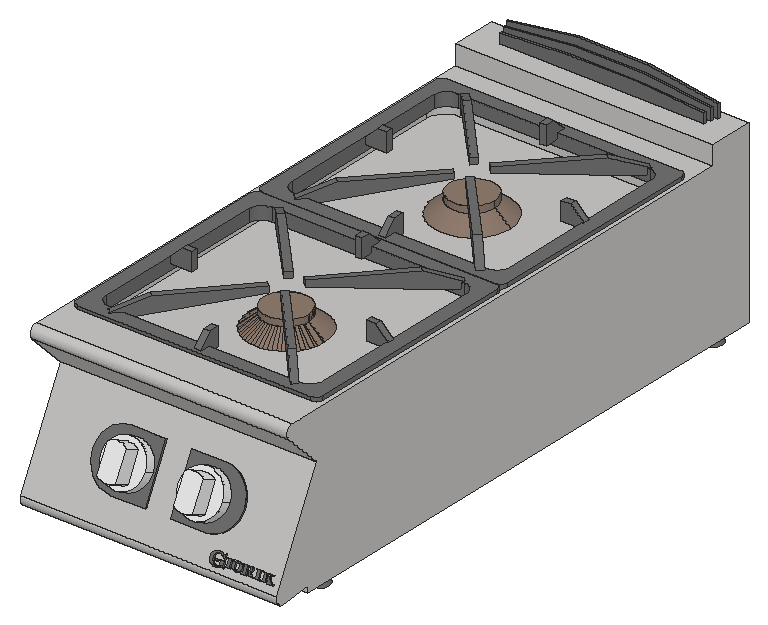
Revit family "QF_GIORIK_CG920T", category Specialty Equipment, Revit 2014
Parameters (values of type "CG920T")
  Weight in Pounds = 88.1848
  URL Cutsheet = "www.giorik.com"
  URL = "www.giorik.com"
  Status [instance] = ""
  Specification by User [instance] = ""
  Specification by Manufacturer = ""
  Show Logo [instance] = yes
  Show Clearance [instance] = yes
  Serial Number = ""
  Seismic Rating = ""
  SMACNA No = ""
  Revision Code [instance] = ""
  NAFEM Spec ID Number = ""
  Model = "CG920T"
  Mechanical Remarks [instance] = "Natural Gas"
  Mechanical Connection Type [instance] = ""
  Masterspec = ""
  Manufacturer = "GIORIK"
  Item Number [instance] = ""
  Installed By [instance] = ""
  Identify Quantity as Lot [instance] = no
  Gas Size = 1"
  Gas RI Height [instance] = 0 mm
  Gas KW = 16
  Gas Input = 16000 W
  Gas Connection Height [instance] = 20 mm
  Furnished By [instance] = ""
  Foodservice Equipment Identifier [instance] = yes
  Description = "2 BURNER GAS RANGE - COUNTERTOP VERSION"
  CSI MasterFormat = ""
  Assembly Code = "E1090320"
Reference planes
  plane 1 "Back": y = 0
  plane 2: z = 0
  plane 3 "Left": x = 0
  plane 4 "Right": x = 400
  plane 5 "Front": y = -920
  plane 6 "Top": z = 300
Forms (mm)
  Extrusion 1, solid
    sketch origin (-94, 0, -609.974) x (1, 0, 0) y (0, 0, 1)
      loop
        line (135, 909.989) -> (453, 909.989) -> (453, 925.527) -> (347.056, 931.749) -> (240.944, 931.749) -> (135, 925.527) -> (135, 909.989)
    from 32 to 35
  Extrusion 2, solid
    sketch origin (-92, 10, -609.974) x (1, 0, 0) y (0, 0, 1)
      loop
        line (454, 909.989) -> (454, 928.527) -> (346.162, 939.193) -> (237.838, 939.193) -> (130, 928.527) -> (130, 909.989) -> (454, 909.989)
    from 32 to 35
  Extrusion 3, solid
    sketch origin (-90, 20, -609.974) x (1, 0, 0) y (0, 0, 1)
      loop
        line (455, 909.989) -> (455, 930.527) -> (345.396, 947.413) -> (234.604, 947.413) -> (125, 930.527) -> (125, 909.989) -> (455, 909.989)
    from 32 to 35
  Extrusion 4, void
    sketch origin (0, 0, 300.015) x (0, 1, 0) y (-1, 0, 0)
      loop
        arc (-110, -38) -> (-118.787, -16.787) -> (-140, -8) r 30
        line (-140, -8) -> (-800.004, -8)
        arc (-800.004, -8) -> (-821.217, -16.787) -> (-830.004, -38) r 30
        line (-830.004, -38) -> (-830.004, -362)
        arc (-830.004, -362) -> (-821.217, -383.213) -> (-800.004, -392) r 30
        line (-800.004, -392) -> (-140, -392)
        arc (-140, -392) -> (-118.787, -383.213) -> (-110, -362) r 30
        line (-110, -362) -> (-110, -38)
    from -30 to -70
  Extrusion 5, solid
    sketch origin (0, 802.832, -619.973) x (0, 1, 0) y (0, 0, 1)
      loop
        line (-802.832, 919.988) -> (-872.832, 919.988) -> (-872.832, 889.988) -> (-1691.501, 889.988)
        arc (-1691.501, 889.988) -> (-1701.846, 883.075) -> (-1699.419, 870.873) r 11.197
        line (-1699.419, 870.873) -> (-1643.571, 815.025) -> (-1721.643, 661.258)
        arc (-1721.643, 661.258) -> (-1720.928, 650.105) -> (-1710.813, 645.354) r 10.981
        line (-1710.813, 645.354) -> (-1662.695, 649.925) -> (-1662.695, 640) -> (-802.832, 640) -> (-802.832, 919.988)
    from 0 to 400
  Extrusion 6, solid
    sketch origin (-283.221, -1162.522, -546.955) x (1, 0, 0) y (0, 0.452718, 0.891654)
      loop
        line (463.221, 676.25) -> (463.221, 766.25) -> (409.698, 766.25)
        arc (409.698, 766.25) -> (364.698, 721.25) -> (409.698, 676.25) r 45
        line (409.698, 676.25) -> (463.221, 676.25)
    from 48 to 50
  Extrusion 7, solid
    sketch origin (683.221, -1162.522, -546.955) x (-1, 0, 0) y (0, -0.452718, -0.891654)
      loop
        line (463.221, -676.25) -> (409.698, -676.25)
        arc (409.698, -676.25) -> (364.698, -721.25) -> (409.698, -766.25) r 45
        line (409.698, -766.25) -> (463.221, -766.25) -> (463.221, -676.25)
    from 48 to 50
  Extrusion 8, solid
    sketch origin (-91.331, -1207.874, -524.359) x (1, 0, 0) y (0, 0.45351, 0.891251)
      loop
        circle (351.331, 721.346) r 35
    from 0 to 15
  Extrusion 9, solid
    sketch origin (-91.331, -1207.874, -524.359) x (1, 0, 0) y (0, 0.45351, 0.891251)
      loop
        line (336.331, 743.846) -> (336.331, 698.846)
        arc (336.331, 698.846) -> (351.331, 693.846) -> (366.331, 698.846) r 25
        line (366.331, 698.846) -> (366.331, 743.846)
        arc (366.331, 743.846) -> (351.331, 748.846) -> (336.331, 743.846) r 25
    from 15 to 40
  Extrusion 10, solid, visible <- "Show Logo"
    sketch origin (196.604, -935.399, 9.716) x (-1, 0, 0) y (0, 0.452718, 0.891654)
      loop
        line (-118.824, 58.358) -> (-127.804, 58.358) -> (-125.523, 56.445) -> (-125.523, 48.027) -> (-127.804, 46.113) -> (-118.824, 46.113) -> (-121.105, 48.027) -> (-121.105, 56.445) -> (-118.824, 58.358)
      loop
        line (-163.721, 58.358) -> (-172.7, 58.358) -> (-170.42, 56.445) -> (-170.42, 48.027) -> (-172.7, 46.113) -> (-163.721, 46.113) -> (-166.001, 48.027) -> (-166.001, 56.445) -> (-163.721, 58.358)
      loop
        line (-174.332, 58.358) -> (-183.312, 58.358) -> (-181.031, 56.445) -> (-181.031, 52.435) -> (-186.419, 56.955) -> (-184.416, 58.358) -> (-191.268, 58.358) -> (-188.01, 56.839) -> (-185.455, 54.283) -> (-190.846, 47.858) -> (-193.396, 46.93) -> (-193.396, 46.113) -> (-184.416, 46.113) -> (-185.437, 47.571) -> (-182.443, 51.552) -> (-181.031, 50.894) -> (-181.031, 48.027) -> (-183.312, 46.113) -> (-174.332, 46.113) -> (-176.613, 48.027) -> (-176.613, 56.445) -> (-174.332, 58.358)
      loop
        line (-115.429, 62.063) -> (-115.429, 54.198)
        arc (-115.429, 54.198) -> (-111.618, 57.803) -> (-106.847, 59.986) r 16.039
        arc (-106.847, 59.986) -> (-103.314, 59.837) -> (-100.512, 57.68) r 5.851
        arc (-100.512, 57.68) -> (-98.815, 52.267) -> (-100.512, 46.853) r 9.479
        arc (-100.512, 46.853) -> (-102.406, 44.986) -> (-104.846, 43.93) r 7.236
        arc (-104.846, 43.93) -> (-107.728, 44.111) -> (-110.052, 45.825) r 5.11
        line (-110.052, 45.825) -> (-110.052, 52.001) -> (-116.141, 52.001) -> (-116.141, 45.503) -> (-117.893, 43.751) -> (-114.094, 44.769)
        arc (-114.094, 44.769) -> (-112.56, 44.947) -> (-111.129, 44.366) r 3.115
        arc (-111.129, 44.366) -> (-104.216, 42.091) -> (-97.303, 44.366) r 11.641
        arc (-97.303, 44.366) -> (-93.396, 52.107) -> (-97.303, 59.849) r 9.622
        arc (-97.303, 59.849) -> (-104.369, 62.174) -> (-111.435, 59.849) r 11.898
        line (-111.435, 59.849) -> (-115.429, 62.063)
      loop
        arc (-129.234, 56.068) -> (-135.893, 58.628) -> (-142.552, 56.068) r 9.941
        arc (-142.552, 56.068) -> (-144.234, 52.286) -> (-142.552, 48.505) r 5.093
        arc (-142.552, 48.505) -> (-135.893, 45.945) -> (-129.234, 48.505) r 9.941
        arc (-129.234, 48.505) -> (-127.552, 52.286) -> (-129.234, 56.068) r 5.093
      loop
        arc (-132.628, 54.403) -> (-135.893, 57.668) -> (-139.158, 54.403) r 3.265
        line (-139.158, 54.403) -> (-139.158, 50.169)
        arc (-139.158, 50.169) -> (-135.893, 46.904) -> (-132.628, 50.169) r 3.265
        line (-132.628, 50.169) -> (-132.628, 54.403)
      loop
        arc (-156.363, 58.365) -> (-159.647, 55.081) -> (-156.363, 51.796) r 3.285
        line (-156.363, 51.796) -> (-159.529, 47.306) -> (-162.087, 46.113) -> (-155.847, 46.113) -> (-153.529, 51.083) -> (-150.637, 51.083) -> (-150.637, 47.784) -> (-153.022, 46.113) -> (-144.011, 46.113) -> (-146.094, 47.68) -> (-146.094, 56.493) -> (-144.229, 58.365) -> (-156.363, 58.365)
      loop
        line (-150.637, 57.512) -> (-153.637, 57.512)
        arc (-153.637, 57.512) -> (-156.237, 54.912) -> (-153.637, 52.312) r 2.6
        line (-153.637, 52.312) -> (-150.637, 52.312) -> (-150.637, 57.512)
      loop
        line (-108.924, 52.001) -> (-104.936, 49.005) -> (-100.948, 52.001) -> (-108.924, 52.001)
    from 1.5 to -0.5
  Extrusion 11, solid
    sketch origin (491.331, -1207.874, -524.359) x (-1, 0, 0) y (0, -0.45351, -0.891251)
      loop
        circle (351.331, -721.346) r 35
    from 0 to 15
  Extrusion 12, solid
    sketch origin (491.331, -1207.874, -524.359) x (-1, 0, 0) y (0, -0.45351, -0.891251)
      loop
        arc (336.331, -743.846) -> (351.331, -748.846) -> (366.331, -743.846) r 25
        line (366.331, -743.846) -> (366.331, -698.846)
        arc (366.331, -698.846) -> (351.331, -693.846) -> (336.331, -698.846) r 25
        line (336.331, -698.846) -> (336.331, -743.846)
    from 15 to 40
  Extrusion 13, solid
    sketch origin (0, -374.552, -629.973) x (1, 0, 0) y (0, 1, 0)
      loop
        circle (200.046, -276.449) r 35
    from 889.988 to 879.988
  Blend 14, solid
    base sketch origin (0, -374.552, 300.015) x (0, 1, 0) y (-1, 0, 0)
      loop
        circle (-276.449, -200.046) r 60
    top sketch origin (0, -374.552, 300.015) x (0, 1, 0) y (-1, 0, 0)
      loop
        circle (-276.449, -200.046) r 35
    from -70 to -50
  Extrusion 15, solid
    sketch origin (159.325, -430.013, -670.985) x (0, -1, 0) y (0, 0, -1)
      loop
        line (35.989, -935.989) -> (65, -965) -> (79.749, -965) -> (79.749, -935.989) -> (35.989, -935.989)
    from 35.72 to 45.72
  Extrusion 16, solid
    sketch origin (0, -374.552, -629.973) x (1, 0, 0) y (0, 1, 0)
      loop
        circle (200.046, -276.449) r 35
    from 889.988 to 879.988
  Blend 17, solid
    base sketch origin (0, -374.552, 300.015) x (0, 1, 0) y (-1, 0, 0)
      loop
        circle (-276.449, -200.046) r 60
    top sketch origin (0, -374.552, 300.015) x (0, 1, 0) y (-1, 0, 0)
      loop
        circle (-276.449, -200.046) r 35
    from -70 to -50
  Extrusion 18, solid
    sketch origin (-15.829, -700.72, -670.985) x (1, 0, 0) y (0, 0, -1)
      loop
        line (35.989, -935.989) -> (65, -965) -> (79.749, -965) -> (79.749, -935.989) -> (35.989, -935.989)
    from 35.72 to 45.72
  Extrusion 19, solid
    sketch origin (415.921, -700.72, -670.985) x (-1, 0, 0) y (0, 0, 1)
      loop
        line (35.989, 935.989) -> (79.749, 935.989) -> (79.749, 965) -> (65, 965) -> (35.989, 935.989)
    from 35.72 to 45.72
  Extrusion 20, solid
    sketch origin (0.046, -425, -576.985) x (1, 0, 0) y (0, 1, 0)
      loop
        line (8, -55.002) -> (8, -395.004)
        arc (8, -395.004) -> (10.929, -402.075) -> (18, -405.004) r 10
        line (18, -405.004) -> (382, -405.004)
        arc (382, -405.004) -> (389.071, -402.075) -> (392, -395.004) r 10
        line (392, -395.004) -> (392, -55.002)
        arc (392, -55.002) -> (389.071, -47.931) -> (382, -45.002) r 10
        line (382, -45.002) -> (18, -45.002)
        arc (18, -45.002) -> (10.929, -47.931) -> (8, -55.002) r 10
      loop
        arc (49.954, -67.002) -> (35.812, -72.86) -> (29.954, -87.002) r 20
        line (29.954, -87.002) -> (29.954, -365.004)
        arc (29.954, -365.004) -> (35.812, -379.146) -> (49.954, -385.004) r 20
        line (49.954, -385.004) -> (349.954, -385.004)
        arc (349.954, -385.004) -> (364.097, -379.146) -> (369.954, -365.004) r 20
        line (369.954, -365.004) -> (369.954, -87.002)
        arc (369.954, -87.002) -> (364.097, -72.86) -> (349.954, -67.002) r 20
        line (349.954, -67.002) -> (49.954, -67.002)
    from 831.989 to 851.989
  Extrusion 21, solid
    sketch origin (347.736, -429.835, -602.794) x (-0.670885, -0.741561, 0) y (0, 0, -1)
      loop
        line (239.679, -896.808) -> (239.679, -888.14) -> (57.778, -867.797) -> (36.748, -867.797) -> (36.748, -875.452) -> (95.425, -896.808) -> (239.679, -896.808)
    from 30.148 to 40.148
  Extrusion 22, solid
    sketch origin (52.421, -429.9, -602.794) x (0.670878, -0.741568, 0) y (0, 0, 1)
      loop
        line (239.588, 896.808) -> (95.425, 896.808) -> (36.748, 875.452) -> (36.748, 867.797) -> (57.778, 867.797) -> (239.588, 888.13) -> (239.588, 896.808)
    from 30.148 to 40.148
  Extrusion 23, solid
    sketch origin (347.735, -872.167, -602.794) x (-0.670878, 0.741568, 0) y (0, 0, 1)
      loop
        line (239.679, 896.808) -> (95.425, 896.808) -> (36.748, 875.452) -> (36.748, 867.797) -> (57.778, 867.797) -> (239.679, 888.14) -> (239.679, 896.808)
    from 30.148 to 40.148
  Extrusion 24, solid
    sketch origin (52.356, -872.167, -602.794) x (0.670885, 0.741561, 0) y (0, 0, -1)
      loop
        line (239.679, -896.808) -> (239.679, -888.14) -> (57.778, -867.797) -> (36.748, -867.797) -> (36.748, -875.452) -> (95.425, -896.808) -> (239.679, -896.808)
    from 30.148 to 40.148
  Extrusion 25, solid
    sketch origin (240.72, -869.993, -670.985) x (0, 1, 0) y (0, 0, -1)
      loop
        line (35.989, -935.989) -> (65, -965) -> (79.749, -965) -> (79.749, -935.989) -> (35.989, -935.989)
    from 35.72 to 45.72
  Extrusion 26, solid
    sketch origin (159.325, -509.991, -670.985) x (0, 1, 0) y (0, 0, 1)
      loop
        line (35.989, 935.989) -> (79.749, 935.989) -> (79.749, 965) -> (65, 965) -> (35.989, 935.989)
    from 35.72 to 45.72
  Extrusion 27, solid
    sketch origin (-15.829, -239.283, -670.985) x (1, 0, 0) y (0, 0, 1)
      loop
        line (35.989, 935.989) -> (79.749, 935.989) -> (79.749, 965) -> (65, 965) -> (35.989, 935.989)
    from 35.72 to 45.72
  Extrusion 28, solid
    sketch origin (415.921, -239.283, -670.985) x (-1, 0, 0) y (0, 0, -1)
      loop
        line (35.989, -935.989) -> (65, -965) -> (79.749, -965) -> (79.749, -935.989) -> (35.989, -935.989)
    from 35.72 to 45.72
  Extrusion 29, solid
    sketch origin (0.046, -515.004, -576.985) x (1, 0, 0) y (0, 1, 0)
      loop
        arc (8, 55.002) -> (10.929, 47.931) -> (18, 45.002) r 10
        line (18, 45.002) -> (382, 45.002)
        arc (382, 45.002) -> (389.071, 47.931) -> (392, 55.002) r 10
        line (392, 55.002) -> (392, 395.004)
        arc (392, 395.004) -> (389.071, 402.075) -> (382, 405.004) r 10
        line (382, 405.004) -> (18, 405.004)
        arc (18, 405.004) -> (10.929, 402.075) -> (8, 395.004) r 10
        line (8, 395.004) -> (8, 55.002)
      loop
        line (49.954, 67.002) -> (349.954, 67.002)
        arc (349.954, 67.002) -> (364.097, 72.86) -> (369.954, 87.002) r 20
        line (369.954, 87.002) -> (369.954, 365.004)
        arc (369.954, 365.004) -> (364.097, 379.146) -> (349.954, 385.004) r 20
        line (349.954, 385.004) -> (49.954, 385.004)
        arc (49.954, 385.004) -> (35.812, 379.146) -> (29.954, 365.004) r 20
        line (29.954, 365.004) -> (29.954, 87.002)
        arc (29.954, 87.002) -> (35.812, 72.86) -> (49.954, 67.002) r 20
    from 831.989 to 851.989
  Extrusion 30, solid
    sketch origin (347.736, -510.169, -602.794) x (-0.670885, 0.741561, 0) y (0, 0, 1)
      loop
        line (239.679, 896.808) -> (95.425, 896.808) -> (36.748, 875.452) -> (36.748, 867.797) -> (57.778, 867.797) -> (239.679, 888.14) -> (239.679, 896.808)
    from 30.148 to 40.148
  Extrusion 31, solid
    sketch origin (52.421, -510.104, -602.794) x (0.670878, 0.741568, 0) y (0, 0, -1)
      loop
        line (239.588, -896.808) -> (239.588, -888.13) -> (57.778, -867.797) -> (36.748, -867.797) -> (36.748, -875.452) -> (95.425, -896.808) -> (239.588, -896.808)
    from 30.148 to 40.148
  Extrusion 32, solid
    sketch origin (347.735, -67.837, -602.794) x (-0.670878, -0.741568, 0) y (0, 0, -1)
      loop
        line (239.679, -896.808) -> (239.679, -888.14) -> (57.778, -867.797) -> (36.748, -867.797) -> (36.748, -875.452) -> (95.425, -896.808) -> (239.679, -896.808)
    from 30.148 to 40.148
  Extrusion 33, solid
    sketch origin (52.356, -67.837, -602.794) x (0.670885, -0.741561, 0) y (0, 0, 1)
      loop
        line (239.679, 896.808) -> (95.425, 896.808) -> (36.748, 875.452) -> (36.748, 867.797) -> (57.778, 867.797) -> (239.679, 888.14) -> (239.679, 896.808)
    from 30.148 to 40.148
  Extrusion 34, solid
    sketch origin (240.72, -70.011, -670.985) x (0, -1, 0) y (0, 0, 1)
      loop
        line (35.989, 935.989) -> (79.749, 935.989) -> (79.749, 965) -> (65, 965) -> (35.989, 935.989)
    from 35.72 to 45.72
  Blend 35, solid
    base sketch origin (0, -12.554, 300.015) x (0, 1, 0) y (-1, 0, 0)
      loop
        circle (-276.449, -200.046) r 60
    top sketch origin (0, -12.554, 300.015) x (0, 1, 0) y (-1, 0, 0)
      loop
        circle (-276.449, -200.046) r 35
    from -70 to -50
  Extrusion 36, solid
    sketch origin (0, -12.554, -629.973) x (1, 0, 0) y (0, 1, 0)
      loop
        circle (200.046, -276.449) r 35
    from 889.988 to 879.988
  Extrusion 37, solid
    sketch origin (-4, 0.028, 0) x (1, 0, 0) y (0, 1, 0)
      loop
        circle (54, -385) r 12.5
    from 5 to 20
  Extrusion 38, solid
    sketch origin (543.603, 45.322, -30) x (0, 1, 0) y (-1, 0, 0)
      loop
        circle (-79.293, 516.603) r 5
    from 41.965 to 50
  Revolve 39, solid
    sketch origin (27, 49.971, -600) x (0, 1, 0) y (0, 0, 1)
      loop
        line (-83.943, 611.965) -> (-94.752, 611.965) -> (-97.943, 600) -> (-83.943, 600) -> (-83.943, 611.965)
      axis (-83.943, 611.965) -> (-83.943, 600)
    angle from 0 to 360
  Extrusion 40, solid
    sketch origin (-143.603, 45.322, -30) x (0, 1, 0) y (-1, 0, 0)
      loop
        circle (-79.293, -516.603) r 5
    from 41.965 to 50
  Revolve 41, solid
    sketch origin (373, 49.971, -600) x (0, 1, 0) y (0, 0, -1)
      loop
        line (-83.943, -611.965) -> (-83.943, -600) -> (-97.943, -600) -> (-94.752, -611.965) -> (-83.943, -611.965)
      axis (-83.943, -611.965) -> (-83.943, -600)
    angle from 0 to 360
  Extrusion 42, solid
    sketch origin (543.603, -721.846, -30) x (0, 1, 0) y (-1, 0, 0)
      loop
        circle (-79.293, 516.603) r 5
    from 41.965 to 50
  Revolve 43, solid
    sketch origin (27, -717.197, -600) x (0, 1, 0) y (0, 0, 1)
      loop
        line (-83.943, 611.965) -> (-94.752, 611.965) -> (-97.943, 600) -> (-83.943, 600) -> (-83.943, 611.965)
      axis (-83.943, 611.965) -> (-83.943, 600)
    angle from 0 to 360
  Extrusion 44, solid
    sketch origin (-143.603, -721.846, -30) x (0, 1, 0) y (-1, 0, 0)
      loop
        circle (-79.293, -516.603) r 5
    from 41.965 to 50
  Revolve 45, solid
    sketch origin (373, -717.197, -600) x (0, 1, 0) y (0, 0, -1)
      loop
        line (-83.943, -611.965) -> (-83.943, -600) -> (-97.943, -600) -> (-94.752, -611.965) -> (-83.943, -611.965)
      axis (-83.943, -611.965) -> (-83.943, -600)
    angle from 0 to 360
Cuts and joins
  Extrusion 4 cuts Extrusion 5
Lines and regions (mm)
  symbolic lines, style "200-EquipBorder-2D"
    curve 1: line (0, 0, 300) -> (400, 0, 300)
    curve 2: line (400, 0, 300) -> (400, -920, 300)
    curve 3: line (400, -920, 300) -> (0, -920, 300)
    curve 4: line (0, -920, 300) -> (0, 0, 300)
  symbolic lines, style "200-EquipInternal-2D"
    curve 5: line (35, -15, 300) -> (365, -15, 300)
    curve 6: line (365, -12, 300) -> (35, -12, 300)
    curve 7: line (38, -25, 300) -> (362, -25, 300)
    curve 8: line (362, -22, 300) -> (38, -22, 300)
    curve 9: line (41, -35, 300) -> (359, -35, 300)
    curve 10: line (359, -32, 300) -> (41, -32, 300)
    curve 11: line (365, -15, 300) -> (365, -12, 300)
    curve 12: line (362, -25, 300) -> (362, -22, 300)
    curve 13: line (359, -35, 300) -> (359, -32, 300)
    curve 14: line (41, -32, 300) -> (41, -35, 300)
    curve 15: line (38, -22, 300) -> (38, -25, 300)
    curve 16: line (35, -12, 300) -> (35, -15, 300)
    curve 17: line (67.949, -448.002, 899.988) -> (190.798, -312.208, 899.988)
    curve 18: line (183.382, -305.499, 899.988) -> (54.464, -448.002, 899.988)
    curve 19: line (190.798, -312.208, 899.988) -> (183.382, -305.499, 899.988)
    curve 20: line (183.381, -272.508, 899.988) -> (190.796, -265.799, 899.988)
    curve 21: line (54.455, -130, 899.988) -> (183.381, -272.508, 899.988)
    curve 22: line (190.796, -265.799, 899.988) -> (67.94, -130, 899.988)
    curve 23: line (332.152, -130, 899.988) -> (209.296, -265.801, 899.988)
    curve 24: line (209.296, -265.801, 899.988) -> (216.712, -272.51, 899.988)
    curve 25: line (216.712, -272.51, 899.988) -> (345.637, -130, 899.988)
    curve 26: line (216.711, -305.497, 899.988) -> (209.295, -312.206, 899.988)
    curve 27: line (209.295, -312.206, 899.988) -> (332.148, -448.002, 899.988)
    curve 28: line (345.633, -448.002, 899.988) -> (216.711, -305.497, 899.988)
    curve 29: line (336.172, -275.004, 899.988) -> (336.172, -285.004, 899.988)
    curve 30: line (336.172, -285.004, 899.988) -> (370, -285.004, 899.988)
    curve 31: line (370, -275.004, 899.988) -> (336.172, -275.004, 899.988)
    curve 32: line (195, -149.76, 899.988) -> (205, -149.76, 899.988)
    curve 33: line (205, -149.76, 899.988) -> (205, -130, 899.988)
    curve 34: line (195, -130, 899.988) -> (195, -149.76, 899.988)
    curve 35: line (63.919, -275.004, 899.988) -> (30, -275.004, 899.988)
    curve 36: line (30, -285.004, 899.988) -> (63.919, -285.004, 899.988)
    curve 37: line (63.919, -285.004, 899.988) -> (63.919, -275.004, 899.988)
    curve 38: line (392.046, -460.002, 899.988) -> (392.046, -120, 899.988)
    curve 39: arc (392.046, -120, 899.988) -> (389.117, -112.929, 899.988) -> (382.046, -110, 899.988) r 10
    curve 40: line (382.046, -110, 899.988) -> (18.046, -110, 899.988)
    curve 41: line (50, -130, 899.988) -> (350, -130, 899.988)
    curve 42: arc (350, -130, 899.988) -> (364.142, -135.858, 899.988) -> (370, -150, 899.988) r 20
    curve 43: line (370, -150, 899.988) -> (370, -428.002, 899.988)
    curve 44: line (8.046, -120, 899.988) -> (8.046, -460.002, 899.988)
    curve 45: arc (18.046, -110, 899.988) -> (10.975, -112.929, 899.988) -> (8.046, -120, 899.988) r 10
    curve 46: line (30, -428.002, 899.988) -> (30, -150, 899.988)
    curve 47: arc (30, -150, 899.988) -> (35.858, -135.858, 899.988) -> (50, -130, 899.988) r 20
    curve 48: arc (8.046, -460.002, 899.988) -> (10.975, -467.073, 899.988) -> (18.046, -470.002, 899.988) r 10
    curve 49: line (18.046, -470.002, 899.988) -> (382.046, -470.002, 899.988)
    curve 50: line (350, -448.002, 899.988) -> (50, -448.002, 899.988)
    curve 51: arc (50, -448.002, 899.988) -> (35.858, -442.144, 899.988) -> (30, -428.002, 899.988) r 20
    curve 52: arc (370, -428.002, 899.988) -> (364.142, -442.144, 899.988) -> (350, -448.002, 899.988) r 20
    curve 53: arc (382.046, -470.002, 899.988) -> (389.117, -467.073, 899.988) -> (392.046, -460.002, 899.988) r 10
    curve 54: arc (392.046, -480.002, 899.988) -> (389.117, -472.931, 899.988) -> (382.046, -470.002, 899.988) r 10
    curve 55: line (392.046, -820.004, 899.988) -> (392.046, -480.002, 899.988)
    curve 56: arc (350, -492.002, 899.988) -> (364.142, -497.86, 899.988) -> (370, -512.002, 899.988) r 20
    curve 57: line (50, -492.002, 899.988) -> (350, -492.002, 899.988)
    curve 58: line (370, -512.002, 899.988) -> (370, -790.004, 899.988)
    curve 59: arc (370, -790.004, 899.988) -> (364.142, -804.146, 899.988) -> (350, -810.004, 899.988) r 20
    curve 60: line (350, -810.004, 899.988) -> (50, -810.004, 899.988)
    curve 61: line (18.046, -830.004, 899.988) -> (382.046, -830.004, 899.988)
    curve 62: arc (382.046, -830.004, 899.988) -> (389.117, -827.075, 899.988) -> (392.046, -820.004, 899.988) r 10
    curve 63: arc (18.046, -470.002, 899.988) -> (10.975, -472.931, 899.988) -> (8.046, -480.002, 899.988) r 10
    curve 64: line (8.046, -480.002, 899.988) -> (8.046, -820.004, 899.988)
    curve 65: arc (30, -512.002, 899.988) -> (35.858, -497.86, 899.988) -> (50, -492.002, 899.988) r 20
    curve 66: line (30, -790.004, 899.988) -> (30, -512.002, 899.988)
    curve 67: arc (50, -810.004, 899.988) -> (35.858, -804.146, 899.988) -> (30, -790.004, 899.988) r 20
    curve 68: arc (8.046, -820.004, 899.988) -> (10.975, -827.075, 899.988) -> (18.046, -830.004, 899.988) r 10
    curve 69: line (195, -790.244, 899.988) -> (195, -810.004, 899.988)
    curve 70: line (205, -810.004, 899.988) -> (205, -790.244, 899.988)
    curve 71: line (205, -790.244, 899.988) -> (195, -790.244, 899.988)
    curve 72: line (183.381, -667.495, 899.988) -> (54.455, -810.004, 899.988)
    curve 73: line (67.94, -810.004, 899.988) -> (190.796, -674.204, 899.988)
    curve 74: line (190.796, -674.204, 899.988) -> (183.381, -667.495, 899.988)
    curve 75: line (30, -665, 899.988) -> (63.919, -665, 899.988)
    curve 76: line (63.919, -655, 899.988) -> (30, -655, 899.988)
    curve 77: line (63.919, -665, 899.988) -> (63.919, -655, 899.988)
    curve 78: line (190.798, -627.796, 899.988) -> (67.949, -492.002, 899.988)
    curve 79: line (54.464, -492.002, 899.988) -> (183.382, -634.505, 899.988)
    curve 80: line (183.382, -634.505, 899.988) -> (190.798, -627.796, 899.988)
    curve 81: line (209.295, -627.798, 899.988) -> (216.711, -634.506, 899.988)
    curve 82: line (216.711, -634.506, 899.988) -> (345.633, -492.002, 899.988)
    curve 83: line (332.148, -492.002, 899.988) -> (209.295, -627.798, 899.988)
    curve 84: line (216.712, -667.494, 899.988) -> (209.296, -674.203, 899.988)
    curve 85: line (209.296, -674.203, 899.988) -> (332.152, -810.004, 899.988)
    curve 86: line (345.637, -810.004, 899.988) -> (216.712, -667.494, 899.988)
    curve 87: arc (183.76, -258.022, 300) -> (200.047, -254.003, 300) -> (216.333, -258.022, 300) r 35.01
    curve 88: line (0, -70, 300) -> (400, -70, 300)
    curve 89: line (195.046, -448.002, 300) -> (195.046, -430.242, 300)
    curve 90: line (195.046, -430.242, 300) -> (205.046, -430.242, 300)
    curve 91: line (205.046, -430.242, 300) -> (205.046, -448.002, 300)
    curve 92: line (370, -655, 300) -> (336.172, -655, 300)
    curve 93: line (336.172, -655, 300) -> (336.172, -665, 300)
    curve 94: line (336.172, -665, 300) -> (370, -665, 300)
    curve 95: line (205.046, -492.002, 300) -> (205.046, -509.761, 300)
    curve 96: line (205.046, -509.761, 300) -> (195.046, -509.761, 300)
    curve 97: line (195.046, -509.761, 300) -> (195.046, -492.002, 300)
    curve 98: arc (166.676, -239.138, 300) -> (200.046, -228.97, 300) -> (233.415, -239.138, 300) r 59.842
    curve 99: arc (175.622, -263.933, 300) -> (165.046, -289.003, 300) -> (175.622, -314.073, 300) r 35
    curve 100: arc (158.846, -332.621, 300) -> (140.046, -289.005, 300) -> (158.846, -245.389, 300) r 59.995
    curve 101: arc (183.763, -319.984, 300) -> (200.047, -324.003, 300) -> (216.332, -319.984, 300) r 35.007
    curve 102: arc (166.678, -338.869, 300) -> (200.046, -349.044, 300) -> (233.413, -338.869, 300) r 59.799
    curve 103: arc (241.248, -332.619, 300) -> (260.046, -289.004, 300) -> (241.248, -245.389, 300) r 59.997
    curve 104: arc (224.47, -314.074, 300) -> (235.046, -289.004, 300) -> (224.47, -263.934, 300) r 35.001
    curve 105: arc (183.763, -620.019, 300) -> (200.046, -616.001, 300) -> (216.328, -620.019, 300) r 35
    curve 106: arc (166.678, -601.135, 300) -> (200.048, -591.001, 300) -> (233.417, -601.135, 300) r 60.006
    curve 107: arc (241.248, -607.384, 300) -> (260.046, -651, 300) -> (241.248, -694.615, 300) r 59.997
    curve 108: arc (233.417, -700.864, 300) -> (200.046, -711.008, 300) -> (166.675, -700.864, 300) r 59.967
    curve 109: arc (158.844, -694.617, 300) -> (140.046, -651.001, 300) -> (158.844, -607.384, 300) r 60
    curve 110: arc (175.624, -625.929, 300) -> (165.046, -651.001, 300) -> (175.624, -676.073, 300) r 35
    curve 111: arc (183.76, -681.981, 300) -> (200.047, -686.001, 300) -> (216.333, -681.981, 300) r 35.005
    curve 112: arc (224.47, -676.07, 300) -> (235.046, -651.001, 300) -> (224.47, -625.932, 300) r 35
Dimensions and locks
  plane 3 "Left" to plane 4 "Right" = 400 mm
  plane 5 "Front" to plane 1 "Back" = 920 mm
  plane 6 "Top" to level = 300 mm
  aligned and locked: level to plane 2
Connectors
  piping at (50, -384.972, 5), diameter 25.4, driven by "Gas Size"
    settings: on Extrusion 37, index 1, connector inside diameter 24", connector length 0 mm, flow factor 0, pipe flow 0.0 L/s, pressure drop 0.0 Pa, fitting loss kfactor 0, connector angle 0.00°, fixture units 0, engagement length 0 mm, angle of deflection 0.00°, flow configuration 0, flow direction 0, fitting loss method 0, system type 22, joint type 0, gender type 0, connector reference index -1, connector utility 0, adjustable connector no, is connector primary yes, connector description "Gas inlet"
